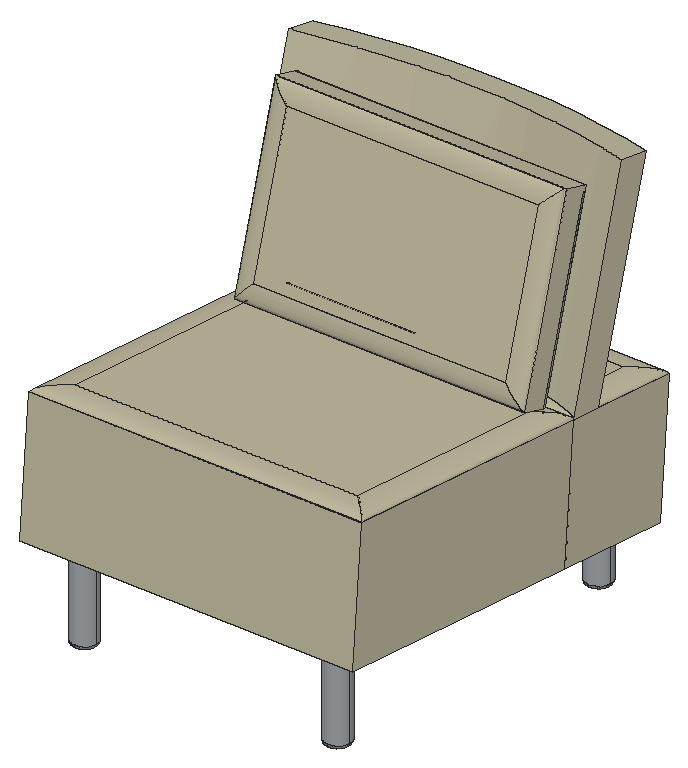
Revit family
Parameters
  URL = "http://www.martinbrattrud.com"
  SCS Certified Product = "Yes"
  Model = "Stonehenge 915-01"
  Manufacturer = "Martin Brattrud, Inc."
  Leg [instance] = none
  Keynote = "125000"
  Copyright = "© 2013 Martin Brattrud, Inc."
  Chair [instance] = none
  Back Cushion [instance] = none
  Authoring Version = "Revit Architecture 2010"
  Assembly Code = "E2020200"
Reference planes (in)
  plane 1 "Center Front/Back": y = 0
  plane 2: z = 0
  plane 3 "Center Left/Right": x = 0
Forms (in)
  Extrusion 1, solid, material <- "Chair"
    sketch origin (0, 0.52946, 5.84845) x (0, -0.995927, 0.090161) y (-1, 0, 0)
      loop
        line (-14.83695, -13.47209) -> (-5.2106, -13.47209) -> (-5.2106, 13.47209) -> (-14.83695, 13.47209) -> (-14.83695, -13.47209)
    from -10.4513 to -0.00014
  Extrusion 2, solid, material <- "Chair"
    sketch origin (0, 10.90822, 4.90887) x (0, 0.995927, -0.090161) y (1, 0, 0)
      loop
        line (-26.7106, 13.47209) -> (-26.7106, -13.47209) -> (-5.2106, -13.47209) -> (-5.2106, 13.47209) -> (-26.7106, 13.47209)
    from -10.4513 to 0.00024
  Sweep 3, solid, material <- "Chair"
    path in 3D
      loop
        line (13.47209, -14.7513, 17.72585) -> (13.47209, 6.66113, 15.7874) -> (-13.47209, 6.66113, 15.7874) -> (-13.47209, -14.7513, 17.72585) -> (13.47209, -14.7513, 17.72585)
    profile origin (0, -14.7513, 17.72585) x (0, 0.995927, -0.090161) y (0, 0.090161, 0.995927)
      loop
        line (2.03125, 0) -> (2.03125, 0.52839)
        spline (2.03125, 0.52839) -> (1.7702, 0.52387) -> (1.51361, 0.51039) -> (1.26588, 0.48817) -> (1.03125, 0.4576) -> (0.81373, 0.4192) -> (0.61704, 0.37363) -> (0.44454, 0.32166) -> (0.2992, 0.2642) -> (0.18349, 0.20221) -> (0.0994, 0.13676) -> (0.04836, 0.06897) -> (0.03125, 0)
        line (0.03125, 0) -> (2.03125, 0)
  Extrusion 4, solid, material <- "Chair"
    sketch origin (0, 0, 0) x (0, 1, 0) y (0, 0, 1)
      loop
        line (4.68579, 16.49677) -> (-12.68069, 18.06895) -> (-12.72833, 17.54271) -> (4.63815, 15.97053) -> (4.68579, 16.49677)
    from -11.44084 to 11.44084
  Sweep 5, solid, material <- "Chair"
    path in 3D
      loop
        line (-13.47209, 16.24828, 14.91948) -> (-13.47209, 6.66113, 15.7874) -> (13.47209, 6.66113, 15.7874) -> (13.47209, 16.24828, 14.91948) -> (-13.47209, 16.24828, 14.91948)
    profile origin (0, 16.24828, 14.91948) x (0, -0.995927, 0.090161) y (0, 0.090161, 0.995927)
      loop
        line (2.03125, 0) -> (2.03125, 0.45358)
        spline (2.03125, 0.45358) -> (1.7702, 0.4497) -> (1.51361, 0.43812) -> (1.26588, 0.41905) -> (1.03125, 0.39281) -> (0.81373, 0.35985) -> (0.61704, 0.32073) -> (0.44454, 0.27612) -> (0.2992, 0.22679) -> (0.18349, 0.17358) -> (0.0994, 0.11739) -> (0.04836, 0.0592) -> (0.03125, 0)
        line (0.03125, 0) -> (2.03125, 0)
  Extrusion 6, solid, material <- "Chair"
    sketch origin (0, 0, 0) x (0, 1, 0) y (0, 0, 1)
      loop
        line (9.98768, 30.76355) -> (8.06607, 31.31925) -> (3.89659, 16.90046) -> (5.81732, 16.34476) -> (9.98768, 30.76355)
    from -11.75 to 11.75
  Sweep 7, solid, material <- "Chair"
    path in 3D
      loop
        line (-11.75, 8.06607, 31.31925) -> (-11.75, 3.89659, 16.90046) -> (11.75, 3.89659, 16.90046) -> (11.75, 8.06607, 31.31925) -> (-11.75, 8.06607, 31.31925)
    profile origin (0, 8.06607, 31.31925) x (0, -0.277789, -0.960642) y (0, -0.960642, 0.277789)
      loop
        line (0.03125, 0) -> (1.53125, 0) -> (1.53125, 0.46962)
        spline (1.53125, 0.46962) -> (1.33546, 0.4656) -> (1.14302, 0.45362) -> (0.95722, 0.43387) -> (0.78125, 0.4067) -> (0.61811, 0.37258) -> (0.47059, 0.33207) -> (0.34122, 0.28589) -> (0.23221, 0.23481) -> (0.14543, 0.17972) -> (0.08236, 0.12155) -> (0.04408, 0.0613) -> (0.03125, 0)
  Extrusion 8, solid, material <- "Chair"
    sketch origin (0, 0, 0) x (0, 1, 0) y (0, 0, 1)
      loop
        line (7.64071, 29.84827) -> (7.18957, 29.97873) -> (3.87082, 18.5019) -> (4.32195, 18.37145) -> (7.64071, 29.84827)
    from -10.21875 to 10.21875
  Extrusion 9, solid, material <- "Back Cushion"
    sketch origin (0, 9.59309, 33.0573) x (0, -0.960379, 0.278698) y (-1, 0, 0)
      loop
        line (-4.43095, -13.47209) -> (-2.03001, -13.47209)
        spline (-2.03001, -13.47209) -> (-2.63308, -11.28001) -> (-3.12847, -9.05886) -> (-3.51491, -6.8144) -> (-3.79139, -4.55239) -> (-3.9572, -2.27868) -> (-4.01191, 0.00086) -> (-3.95539, 2.28035) -> (-3.78777, 4.55391) -> (-3.50949, 6.81568) -> (-3.12128, 9.05981) -> (-2.62412, 11.28053) -> (-2.01931, 13.47209)
        line (-2.01931, 13.47209) -> (-4.42025, 13.47209)
        spline (-4.42025, 13.47209) -> (-5.02507, 11.28053) -> (-5.52222, 9.05981) -> (-5.91044, 6.81568) -> (-6.18872, 4.55391) -> (-6.35633, 2.28035) -> (-6.41286, 0.00086) -> (-6.35814, -2.27868) -> (-6.19233, -4.55239) -> (-5.91585, -6.8144) -> (-5.52942, -9.05886) -> (-5.03403, -11.28001) -> (-4.43095, -13.47209)
    from -2.42207 to 17.57683
  Extrusion 10, void
    sketch origin (0, 0, 0) x (0, 1, 0) y (0, 0, 1)
      loop
        line (16.47346, 31.64061) -> (16.894, 34.06774) -> (11.72108, 34.96404) -> (11.30054, 32.5369) -> (16.47346, 31.64061)
      loop
        line (6.40792, 15.81305) -> (6.22512, 13.81373) -> (12.28534, 13.25965) -> (12.46814, 15.25896) -> (6.40792, 15.81305)
    from -15.22442 to 15.21518
  Extrusion 11, solid, material <- "Leg"
    sketch origin (0, 0, 0) x (1, 0, 0) y (0, 1, 0)
      loop
        circle (-10.25, -13.20254) r 1
      loop
        circle (10.25, -13.20254) r 1
    from 0.25 to 7.25
  Revolve 12, solid, material <- "Leg"
    sketch origin (-10.25, 0, 0) x (0, 1, 0) y (0, 0, 1)
      loop
        line (-12.20254, 0.25) -> (-13.20254, 0.25) -> (-13.20254, 0) -> (-12.45254, 0)
        arc (-12.45254, 0) -> (-12.27577, 0.07322) -> (-12.20254, 0.25) r 0.25
      axis (-13.20254, 0) -> (-13.20254, 0.25)
    angle from 0 to 360
  Revolve 13, solid, material <- "Leg"
    sketch origin (10.25, 0, 0) x (0, 1, 0) y (0, 0, -1)
      loop
        arc (-12.20254, -0.25) -> (-12.27577, -0.07322) -> (-12.45254, 0) r 0.25
        line (-12.45254, 0) -> (-13.20254, 0) -> (-13.20254, -0.25) -> (-12.20254, -0.25)
      axis (-13.20254, 0) -> (-13.20254, -0.25)
    angle from 0 to 360
  Revolve 14, solid, material <- "Leg"
    sketch origin (-10.25, 0, 0) x (0, -1, 0) y (0, 0, -1)
      loop
        arc (-12.20254, -0.25) -> (-12.27577, -0.07322) -> (-12.45254, 0) r 0.25
        line (-12.45254, 0) -> (-13.20254, 0) -> (-13.20254, -0.25) -> (-12.20254, -0.25)
      axis (-13.20254, 0) -> (-13.20254, -0.25)
    angle from 0 to 360
  Revolve 15, solid, material <- "Leg"
    sketch origin (10.25, 0, 0) x (0, -1, 0) y (0, 0, 1)
      loop
        line (-12.20254, 0.25) -> (-13.20254, 0.25) -> (-13.20254, 0) -> (-12.45254, 0)
        arc (-12.45254, 0) -> (-12.27577, 0.07322) -> (-12.20254, 0.25) r 0.25
      axis (-13.20254, 0) -> (-13.20254, 0.25)
    angle from 0 to 360
  Extrusion 16, solid, material <- "Leg"
    sketch origin (0, 0, 0) x (1, 0, 0) y (0, 1, 0)
      loop
        circle (-10.25, 13.20254) r 1
      loop
        circle (10.25, 13.20254) r 1
    from 0.25 to 4.90693
  Sweep 17, solid, material <- "Chair"
    path in 3D
      loop
        line (11.44084, 8.725, 16.05599) -> (11.44084, 8.68411, 15.60426)
    profile origin (11.44084, 8.70456, 15.83012) x (0, -0.995927, 0.090161) y (-1, 0, 0)
      loop
        line (0, 22.88167) -> (-5.56385, 22.88167) -> (-5.56385, 0) -> (0, 0) -> (0, 22.88167)
  Sweep 18, solid, material <- "Chair"
    path in 3D
      loop
        line (-10.21875, 7.18957, 29.97873) -> (-10.21875, 7.64071, 29.84827)
    profile origin (-10.21875, 7.41514, 29.9135) x (0, -0.277789, -0.960642) y (-1, 0, 0)
      loop
        line (0, 0) -> (0, -20.4375) -> (11.94703, -20.4375) -> (11.94703, 0) -> (0, 0)
  Sweep 19, solid, material <- "Chair"
    path in 3D
      loop
        line (-11.75, 9.98768, 30.76355) -> (-11.75, 5.81771, 16.3449) -> (11.75, 5.81771, 16.3449) -> (11.75, 9.98768, 30.76355) -> (-11.75, 9.98768, 30.76355)
    profile origin (0, 9.98768, 30.76355) x (0, 0.277821, 0.960633) y (0, 0.960633, -0.277821)
      loop
        spline (-0.03125, 0) -> (-0.04408, 0.0613) -> (-0.08236, 0.12155) -> (-0.14543, 0.17972) -> (-0.23221, 0.23481) -> (-0.34122, 0.28589) -> (-0.47059, 0.33207) -> (-0.61811, 0.37258) -> (-0.78125, 0.4067) -> (-0.95722, 0.43387) -> (-1.14302, 0.45362) -> (-1.33546, 0.4656) -> (-1.53125, 0.46962)
        line (-1.53125, 0.46962) -> (-1.53125, 0) -> (-0.03125, 0)
  Extrusion 20, solid, material <- "Chair"
    sketch origin (0, 0.0924, -0.02672) x (0, -0.845649, 0.53374) y (0, -0.53374, -0.845649)
      loop
        line (7.64071, -29.84827) -> (4.32195, -18.37145) -> (3.87082, -18.5019) -> (7.18957, -29.97873) -> (7.64071, -29.84827)
    from -10.21875 to 10.21875
  Sweep 21, solid, material <- "Chair"
    path in 3D
      loop
        line (-10.21875, 9.56227, 29.29258) -> (-10.21875, 10.0134, 29.16211)
    profile origin (-10.21875, 9.78783, 29.22734) x (0, -0.277821, -0.960633) y (-1, 0, 0)
      loop
        line (0, 0) -> (0, -20.4375) -> (11.94703, -20.4375) -> (11.94703, 0) -> (0, 0)
Cuts and joins
  Extrusion 10 cuts Extrusion 9
  joined: Sweep 7, Extrusion 8, Sweep 18
  joined: Sweep 19, Extrusion 20, Sweep 21
  joined: Sweep 5, Sweep 17
  joined: Sweep 3, Extrusion 4
Lines and regions (in)
  sketch lines
    curve 1: line (-13.47209, -14.7513, 17.72585) -> (13.47209, -14.7513, 17.72585)
    curve 2: line (-13.47209, 6.66113, 15.7874) -> (-13.47209, -14.7513, 17.72585)
    curve 3: line (13.47209, 6.66113, 15.7874) -> (-13.47209, 6.66113, 15.7874)
    curve 4: line (13.47209, -14.7513, 17.72585) -> (13.47209, 6.66113, 15.7874)
    curve 5: line (11.75, 8.06607, 31.31925) -> (-11.75, 8.06607, 31.31925)
    curve 6: line (-11.75, 3.89659, 16.90046) -> (-11.75, 8.06607, 31.31925)
    curve 7: line (11.75, 3.89659, 16.90046) -> (-11.75, 3.89659, 16.90046)
    curve 8: line (11.75, 8.06607, 31.31925) -> (11.75, 3.89659, 16.90046)
    curve 9: line (13.47209, 16.24828, 14.91948) -> (-13.47209, 16.24828, 14.91948)
    curve 10: line (13.47209, 6.66113, 15.7874) -> (13.47209, 16.24828, 14.91948)
    curve 11: line (-13.47209, 6.66113, 15.7874) -> (13.47209, 6.66113, 15.7874)
    curve 12: line (-13.47209, 16.24828, 14.91948) -> (-13.47209, 6.66113, 15.7874)
    curve 13: line (-10.21875, 7.18957, 29.97873) -> (-10.21875, 7.64071, 29.84827)
    curve 14: line (11.75, 9.98768, 30.76355) -> (-11.75, 9.98768, 30.76355)
    curve 15: line (-11.75, 5.81771, 16.3449) -> (-11.75, 9.98768, 30.76355)
    curve 16: line (11.75, 5.81771, 16.3449) -> (-11.75, 5.81771, 16.3449)
    curve 17: line (11.75, 9.98768, 30.76355) -> (11.75, 5.81771, 16.3449)
    curve 18: line (-10.21875, 9.56227, 29.29258) -> (-10.21875, 10.0134, 29.16211)
    curve 19: line (11.44084, 8.725, 16.05599) -> (11.44084, 8.68411, 15.60426)
